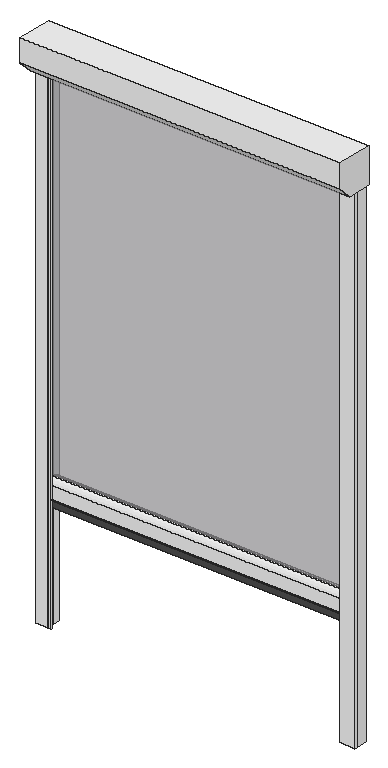
Revit family "Wall_Mount-Screen-Sliding-Phantom_Screens-Motorized_Overhead_Surface_Mounted-01-CS", category Specialty Equipment, Revit 2017
Family settings
  Round Connector Dimension = Use Diameter
  Part Type = Normal
  OmniClass Number = 23.30.60.21
  OmniClass Title = Insect Screens
  Work Plane-Based = No
  Always vertical = Yes
  Cut with Voids When Loaded = No
  Shared = No
  Room Calculation Point = No
Parameters (values of type "4 in Housing Surface Mount")
  Width [instance] = if(Requested Width > Max Width, Max Width, if(Requested Width < Min Width, Min Width, Requested Width))  # 3' - 0"
  URL = "https://www.phantomscreens.com/"
  Type Comments = if([7 1/8 in Housing], "7 1/8 in Housing Surface Mount", if([5 1/2 in Housing], "5 1/2 in Housing Surface Mount", "4 in Housing Surface Mount"))  # "4 in Housing Surface Mount"
  Track Thickness = 0' - 1 17/32"  # constant formula
  Track Height = if(Inside Jamb, 0' 1 29/32", 0' 1 85/256")  # 0' - 1 85/256"
  Thickness = if([7 1/8 in Housing], 0' 7 1/8", if([5 1/2 in Housing], 0' 5 1/2", 0' 4"))  # 0' - 4"
  Surface Mounted = not(Inside Jamb)  # yes
  Slide Bar Height [instance] = if([4 in Bottom Seal], 0' 3 11/16", if([6 in Bottom Seal], 0' 4 5/16", if([1 1/2 in Brush Pile], 0' 3 13/16", if([3/4 in Brush Pile], 0' 3 1/16", 0' 3 15/64"))))  # 0' - 3 1/16"
  Roller Radius = if([7 1/8 in Housing], 0' 2 1/2", if([5 1/2 in Housing], 0' 2", 0' 1 1/4"))  # 0' - 1 1/4"
  Inside Jamb = no
  Screen Opening Height Calc [instance] = if(Screen Opening > Height Opening - Slide Bar Height, Height Opening - Slide Bar Height, Screen Opening)  # 1' - 0"
  Requested Width [instance] = 3' - 0"
  Requested Height [instance] = 5' - 0"
  Product Page URL = "https://www.phantomscreens.com/retractable-large-openings/"
  Product Name = "Motorized Overhead Wall Screens"  # constant formula
  Product Documentation Link = "https://www.phantomscreens.com/architects-designers/"
  Model = "Motorized Retractable Wall Screen"  # constant formula
  Min Width = if([7 1/8 in Housing], 2' 9", if([5 1/2 in Housing], 2' 9", 2' 2"))  # 2' - 2"
  Mesh Offset = 0' - 0 177/256"
  Max Width = if([7 1/8 in Housing], 25' 0", if([5 1/2 in Housing], 20' 0", 10' 0"))  # 10' - 0"
  Max Height = if([7 1/8 in Housing], 16' 0", if([5 1/2 in Housing], 11' 0", 8' 0"))  # 8' - 0"
  Manufacturer = "Phantom Mfg. (Int'l) Ltd."  # constant formula
  Housing Height = if([7 1/8 in Housing], 0' 7 1/8", if([5 1/2 in Housing], 0' 5 1/2", 0' 4"))  # 0' - 4"
  Height Opening [instance] = Height - Housing Height  # 4' - 8"
  Height [instance] = if(Requested Height > Max Height, Max Height, Requested Height)  # 5' - 0"
  Finish Seal = Vinyl-Seal-Phantom_Screens-T-Vinyl_Black
  Finish Screen = Screen-Insect_Mesh-Phantom_Screens-BetterVue_Mesh
  Finish = Metal-Aluminum-Phantom_Screens-Classic_White
  Screen Opening [instance] = 1' - 0"
  Description = "Phantom motorized retractable screen with side tracks"  # constant formula
  Brush Pile [instance] = or([3/4 in Brush Pile], [1 1/2 in Brush Pile])  # yes
  Assembly Code = "B2010300"
  6 in Bottom Seal [instance] = no
  5 1/2 in Housing = no
  7 1/8 in Housing = no
  4 in Housing = not(or([5 1/2 in Housing], [7 1/8 in Housing]))  # yes
  4 in Bottom Seal [instance] = no
  3/4 in Brush Pile [instance] = yes
  3 in Bottom Seal [instance] = not(or(or(or([4 in Bottom Seal], [6 in Bottom Seal], [1 1/2 in Brush Pile], [3/4 in Brush Pile]))))  # no
  1 1/2 in Brush Pile [instance] = no
Reference planes (in)
  plane 1 "Center (Front/Back)": y = -3.46754
  plane 2: z = 0
  plane 3 "Center (Left/Right)": x = 28.55646
  plane 4 "Top": z = 60
  plane 5 "Left": x = 10.55646
  plane 6 "Right": x = 46.55646
  plane 7 "Front": y = -5.46754
  plane 8 "Back": y = -1.46754
  plane 9 "Screen Top": z = 56
  plane 10 "Track Interior": y = -3.31278
  plane 11 "Bottom Track": z = 12
  plane 12 "Track Exterior": y = -1.78153
  plane 13 "Right Offset": x = 45.22442
  plane 14 "Left Offset": x = 11.88849
  plane 15 "ScreenOffset": z = 15.0625
  plane 16 "Slide Bar Edge": y = -0.76442
  plane 17 "Req Width Left": x = 10.55646
  plane 18 "Req Width Right": x = 46.55646
  plane 19 "Req Height": z = 60
  plane 20 "screen open": z = 12
  plane 21: z = 12
Forms (in)
  Extrusion 1, solid, material "Metal-Aluminum-Phantom_Screens-Classic_White" <- "Finish", detail levels coarse
    sketch origin (0, 0, 0) x (1, 0, 0) y (0, 1, 0)
      loop
        line (10.55646, -1.78153) -> (10.55646, -3.31278) -> (11.88849, -3.31278) -> (11.88849, -1.78153) -> (10.55646, -1.78153)
      loop
        line (45.22442, -1.78153) -> (45.22442, -3.31278) -> (46.55646, -3.31278) -> (46.55646, -1.78153) -> (45.22442, -1.78153)
    from 0 to 56
  Extrusion 2, solid, material "Screen-Insect_Mesh-Phantom_Screens-BetterVue_Mesh" <- "Finish Screen"
    sketch origin (0, -0.02344, 0) x (1, 0, 0) y (0, 1, 0)
      loop
        line (11.51349, -2.4495) -> (11.51349, -2.52372) -> (45.59552, -2.52372) -> (45.59552, -2.4495) -> (11.51349, -2.4495)
    from 14.68029 to 58.05
  Extrusion 3, solid, material "Metal-Aluminum-Phantom_Screens-Classic_White" <- "Finish", visible <- "Inside Jamb", detail levels medium+fine
    sketch origin (0, 0, 0) x (1, 0, 0) y (0, 1, 0)
      loop
        line (12.46364, -1.84281) -> (12.46364, -1.78153) -> (10.55646, -1.78153) -> (10.55646, -2.7621) -> (11.12978, -2.7621) -> (11.12978, -3.37406) -> (12.87978, -3.37406) -> (12.87978, -3.31895) -> (12.46349, -3.31895) -> (12.46349, -3.1731) -> (12.46349, -2.60807) -> (12.42731, -2.60807) -> (12.42731, -2.53537) -> (12.46364, -2.53537) -> (12.46364, -1.84281)
      loop
        line (44.64927, -1.84281) -> (44.64927, -2.53537) -> (44.6856, -2.53537) -> (44.6856, -2.60807) -> (44.64942, -2.60807) -> (44.64942, -3.1731) -> (44.64942, -3.25766) -> (44.23313, -3.25766) -> (44.23313, -3.31278) -> (45.98313, -3.31278) -> (45.98313, -2.7621) -> (46.55646, -2.7621) -> (46.55646, -1.78153) -> (44.64927, -1.78153) -> (44.64927, -1.84281)
    from 0 to 56
  Extrusion 4, solid, material "Metal-Aluminum-Phantom_Screens-Classic_White" <- "Finish", visible <- "Surface Mounted", detail levels medium+fine
    sketch origin (0, 0, 0) x (1, 0, 0) y (0, 1, 0)
      loop
        line (11.89032, -1.78153) -> (10.55646, -1.78153) -> (10.55646, -3.10965) -> (10.55646, -3.31278) -> (12.30646, -3.31278) -> (12.30646, -3.25766) -> (11.89017, -3.25766) -> (11.89017, -3.11181) -> (11.89017, -2.54679) -> (11.85398, -2.54679) -> (11.85398, -2.47408) -> (11.89032, -2.47408) -> (11.89032, -1.78153)
      loop
        line (45.22259, -1.78153) -> (45.22259, -2.47408) -> (45.25893, -2.47408) -> (45.25893, -2.54679) -> (45.22274, -2.54679) -> (45.22274, -3.11181) -> (45.22274, -3.25766) -> (44.80646, -3.25766) -> (44.80646, -3.31278) -> (46.55646, -3.31278) -> (46.55646, -3.10965) -> (46.55646, -1.78153) -> (45.22259, -1.78153)
    from 0 to 56
  Extrusion 5, solid, material "Metal-Aluminum-Phantom_Screens-Classic_White" <- "Finish", detail levels coarse
    sketch origin (28.55646, 0, 0) x (0, 1, 0) y (0, 0, 1)
      loop
        line (-1.46754, 60) -> (-5.46754, 60) -> (-5.46754, 56) -> (-1.46754, 56) -> (-1.46754, 60)
    from -18 to 18
  Extrusion 6, solid, material "Metal-Aluminum-Phantom_Screens-Classic_White" <- "Finish", detail levels medium+fine
    sketch origin (28.55646, 0, 0) x (0, 1, 0) y (0, 0, 1)
      loop
        line (-5.46754, 57.443) -> (-4.02454, 56) -> (-1.46754, 56) -> (-1.46754, 60) -> (-5.46754, 60) -> (-5.46754, 57.443)
    from -18 to 18
  Extrusion 7, solid, material "Metal-Aluminum-Phantom_Screens-Classic_White" <- "Finish", detail levels coarse
    sketch origin (28.55646, 0, 0) x (0, 1, 0) y (0, 0, 1)
      loop
        line (-1.95731, 15.0625) -> (-2.98856, 15.0625) -> (-2.98856, 12) -> (-1.95731, 12) -> (-1.95731, 15.0625)
    from -16.66797 to 16.66797
  Extrusion 8, solid, material "Metal-Aluminum-Phantom_Screens-Classic_White" <- "Finish", detail levels medium+fine
    sketch origin (28.55646, -0.01208, 0) x (0, 1, 0) y (0, 0, 1)
      loop
        arc (-2.10058, 12.65046) -> (-2.12244, 12.69419) -> (-2.1349, 12.74147) r 0.23788
        line (-2.1349, 12.74147) -> (-2.01652, 12.74147)
        arc (-2.01652, 12.74147) -> (-1.96084, 12.76453) -> (-1.93778, 12.82021) r 0.07874
        line (-1.93778, 12.82021) -> (-1.93778, 14.28317)
        arc (-1.93778, 14.28317) -> (-2.04075, 14.69479) -> (-2.25244, 15.0625) r 1.53543
        line (-2.25244, 15.0625) -> (-2.36492, 15.0625) -> (-2.36492, 14.99735) -> (-2.54189, 14.99735) -> (-2.54189, 15.0625) -> (-2.65437, 15.0625)
        arc (-2.65437, 15.0625) -> (-2.86606, 14.69479) -> (-2.96903, 14.28317) r 1.53543
        line (-2.96903, 14.28317) -> (-2.96903, 12.82021)
        arc (-2.96903, 12.82021) -> (-2.94597, 12.76453) -> (-2.89029, 12.74147) r 0.07874
        line (-2.89029, 12.74147) -> (-2.7785, 12.74147)
        arc (-2.7785, 12.74147) -> (-2.79095, 12.69419) -> (-2.81282, 12.65046) r 0.23788
        line (-2.81282, 12.65046) -> (-2.10058, 12.65046)
    from -16.66797 to 16.66797
  Extrusion 9, solid, material "Vinyl-Seal-Phantom_Screens-T-Vinyl_Black" <- "Finish Seal", visible <- "3 in Bottom Seal", detail levels medium+fine
    sketch origin (28.55646, -0.43421, -3.5) x (0, 1, 0) y (0, 0, 1)
      loop
        arc (-2.38732, 16.32243) -> (-2.03127, 15.5) -> (-1.67522, 16.32243) r 0.48829
        line (-1.67522, 16.32243) -> (-2.38732, 16.32243)
    from -16.66797 to 16.66797
  Extrusion 10, solid, material "Vinyl-Seal-Phantom_Screens-T-Vinyl_Black" <- "Finish Seal", visible <- "6 in Bottom Seal", detail levels medium+fine
    sketch origin (28.55646, -0.43421, -3) x (0, 1, 0) y (0, 0, 1)
      loop
        arc (-2.38733, 16.90056) -> (-2.03127, 14.9868) -> (-1.67522, 16.90056) r 0.99
        line (-1.67522, 16.90056) -> (-2.38733, 16.90056)
    from -16.66797 to 16.66797
  Extrusion 11, solid, material "Vinyl-Seal-Phantom_Screens-T-Vinyl_Black" <- "Finish Seal", visible <- "4 in Bottom Seal", detail levels medium+fine
    sketch origin (28.55646, -0.43421, -2.36484) x (0, 1, 0) y (0, 0, 1)
      loop
        arc (-2.38733, 15.64039) -> (-2.03127, 14.36478) -> (-1.67522, 15.64039) r 0.6875
        line (-1.67522, 15.64039) -> (-2.38733, 15.64039)
    from -16.66797 to 16.66797
  Extrusion 12, solid, material "Brush-Seal-Phantom_Screens-Brush_Pile_Black", visible <- "Brush Pile", detail levels medium+fine
    sketch origin (28.55646, -0.43421, -3.5) x (0, 1, 0) y (0, 0, 1)
      loop
        line (-1.87492, 15.5) -> (-1.61575, 15.5) -> (-1.66722, 16.15046) -> (-1.82345, 16.15046) -> (-1.87492, 15.5)
      loop
        line (-2.44679, 15.5) -> (-2.18762, 15.5) -> (-2.23909, 16.15046) -> (-2.39532, 16.15046) -> (-2.44679, 15.5)
    from -16.66797 to 16.66797
Dimensions and locks (in)
  equal spacing: plane 5 "Left", plane 3 "Center (Left/Right)", plane 6 "Right"
  "Width": plane 5 "Left" to plane 6 "Right"
  "Housing Height": plane 4 "Top" to plane 9 "Screen Top"
  "Height": plane 4 "Top" to level
  equal spacing: plane 8 "Back", plane 1 "Center (Front/Back)", plane 7 "Front"
  "Track Thickness": plane 10 "Track Interior" to plane 12 "Track Exterior"
  plane 12 "Track Exterior" to plane 8 "Back" = 0' - 0.31398"
  "Track Height": plane 5 "Left" to plane 14 "Left Offset"
  "Track Height": plane 13 "Right Offset" to plane 6 "Right"
  "Slide Bar Height": plane 15 "ScreenOffset" to plane 11 "Bottom Track"
  locked: plane 15 "ScreenOffset" to Extrusion 2 at 0.38221
  "Mesh Offset": Extrusion 2 sketch curve to plane 12 "Track Exterior"
  locked: Extrusion 2 sketch curve to plane 14 "Left Offset" at 0.375
  locked: plane 13 "Right Offset" to Extrusion 2 sketch curve at 0.37109
  plane 5 "Left" to nested 3 = 0' - 1.33386"
  Extrusion 4 sketch curve to plane 5 "Left" to Extrusion 4 sketch curve to Extrusion 4 sketch curve to Extrusion 4 sketch curve to Extrusion 4 sketch curve = 0' - 0" locked, 0' - 1.29753" locked, 0' - 0.03619" locked, 0' - 0.00015" locked, 0' - 0.41614" locked
  Extrusion 4 sketch curve to Extrusion 4 sketch curve to Extrusion 4 sketch curve to Extrusion 4 sketch curve to Extrusion 4 sketch curve to plane 12 "Track Exterior" = 0' - 0.05512" locked, 0' - 0.71087" locked, 0' - 0.0727" locked, 0' - 0.69256" locked, 0' - 0" locked  (x2)
  Extrusion 4 sketch curve to plane 6 "Right" to Extrusion 4 sketch curve to Extrusion 4 sketch curve to Extrusion 4 sketch curve to Extrusion 4 sketch curve = 0' - 0" locked, 0' - 1.29753" locked, 0' - 0.03619" locked, 0' - 0.00015" locked, 0' - 0.41614" locked
  Extrusion 3 sketch curve to plane 5 "Left" to Extrusion 3 sketch curve to Extrusion 3 sketch curve to Extrusion 3 sketch curve to Extrusion 3 sketch curve to Extrusion 3 sketch curve = 0' - 0" locked, 0' - 0.57333" locked, 0' - 1.29753" locked, 0' - 0.03619" locked, 0' - 0.00015" locked, 0' - 0.41614" locked
  Extrusion 3 sketch curve to Extrusion 3 sketch curve to Extrusion 3 sketch curve to Extrusion 3 sketch curve to Extrusion 3 sketch curve to Extrusion 3 sketch curve to plane 12 "Track Exterior" = 0' - 0.05512" locked, 0' - 0.55685" locked, 0' - 0.15403" locked, 0' - 0.0727" locked, 0' - 0.75384" locked, 0' - 0" locked
  Extrusion 3 sketch curve to plane 6 "Right" to Extrusion 3 sketch curve to Extrusion 3 sketch curve to Extrusion 3 sketch curve to Extrusion 3 sketch curve to Extrusion 3 sketch curve = 0' - 0" locked, 0' - 0.57333" locked, 0' - 1.29753" locked, 0' - 0.03619" locked, 0' - 0.00015" locked, 0' - 0.41614" locked
  Extrusion 3 sketch curve to Extrusion 3 sketch curve to Extrusion 3 sketch curve to Extrusion 3 sketch curve to Extrusion 3 sketch curve to Extrusion 3 sketch curve to plane 12 "Track Exterior" = 0' - 0.05512" locked, 0' - 0.49556" locked, 0' - 0.15403" locked, 0' - 0.0727" locked, 0' - 0.75384" locked, 0' - 0" locked
  locked: Extrusion 2 to plane 9 "Screen Top" at 2.05
  locked: Extrusion 2 sketch curve to Extrusion 2 sketch curve at 0.07422
  Extrusion 7 sketch curve to Extrusion 7 sketch curve to plane 10 "Track Interior" = 0' - 1 1/32" locked, 0' - 0 83/256" locked
  locked: plane 8 "Back" to plane 12 "Track Exterior" at 0.31398
  locked: Extrusion 6 sketch curve to plane 12 "Track Exterior" at 0.31398
  plane 12 "Track Exterior" to Extrusion 8 sketch curve to Extrusion 8 sketch curve to Extrusion 8 sketch curve to Extrusion 8 sketch curve to Extrusion 8 sketch curve to Extrusion 8 sketch curve to Extrusion 8 sketch curve to Extrusion 8 sketch curve to Extrusion 8 sketch curve to Extrusion 8 sketch curve = 0' - 0.16832" locked, 0' - 0.07874" locked, 0' - 0.11838" locked, 0' - 0.11754" locked, 0' - 0.11248" locked, 0' - 0.17697" locked, 0' - 0.11248" locked, 0' - 0.12413" locked, 0' - 0.11179" locked, 0' - 0.07874" locked
  Extrusion 8 sketch curve to Extrusion 8 sketch curve to plane 15 "ScreenOffset" to Extrusion 8 sketch curve to Extrusion 8 sketch curve to Extrusion 8 sketch curve to Extrusion 8 sketch curve to Extrusion 8 sketch curve to Extrusion 8 sketch curve = 0' - 0" locked, 0' - 0" locked, 0' - 0.06515" locked, 0' - 0.71418" locked, 0' - 0" locked, 0' - 1.54171" locked, 0' - 0" locked, 0' - 0.09101" locked
  locked: plane 12 "Track Exterior" to nested 1 at 0.16832
  "Thickness": plane 8 "Back" to plane 7 "Front"
  equal spacing: plane 17 "Req Width Left", plane 3 "Center (Left/Right)", plane 18 "Req Width Right"
  "Requested Width": plane 17 "Req Width Left" to plane 18 "Req Width Right"
  "Requested Height": plane 19 "Req Height" to plane 2
  "Screen Opening": plane 21 to plane 2
  "Screen Opening Height Calc": plane 20 "screen open" to plane 2
  plane 12 "Track Exterior" to Extrusion 2 = 0' - 0 49/64"
  Extrusion 9 sketch curve to Extrusion 9 sketch curve to plane 20 "screen open" = 0' - 0.82243" locked, 0' - 0" locked
  plane 8 "Back" to Extrusion 9 sketch curve to Extrusion 9 sketch curve = 0' - 0.64188" locked, 0' - 0.71211" locked
  Extrusion 10 sketch curve to plane 20 "screen open" to Extrusion 10 sketch curve = 0' - 1.90056" locked, 0' - 0.0132" locked
  Extrusion 11 sketch curve to plane 20 "screen open" to Extrusion 11 sketch curve = 0' - 1.27556" locked, 0' - 0.00006" locked
  plane 8 "Back" to Extrusion 11 sketch curve to Extrusion 11 sketch curve = 0' - 0.64188" locked, 0' - 0.71211" locked
  plane 8 "Back" to Extrusion 10 sketch curve to Extrusion 10 sketch curve = 0' - 0.64188" locked, 0' - 0.71211" locked
  aligned and locked: level to plane 2
  aligned and locked: Extrusion 1 sketch curve to plane 10 "Track Interior"  (x2)
  aligned and locked: plane 6 "Right" to Extrusion 1 sketch curve
  aligned and locked: Extrusion 1 to level
  aligned and locked: plane 9 "Screen Top" to Extrusion 1
  aligned and locked: Extrusion 1 sketch curve to plane 13 "Right Offset"
  aligned and locked: plane 12 "Track Exterior" to Extrusion 1 sketch curve  (x2)
  aligned and locked: plane 5 "Left" to Extrusion 1 sketch curve
  aligned and locked: Extrusion 1 sketch curve to plane 14 "Left Offset"
  aligned and locked: plane 5 "Left" to nested 3
  aligned and locked: plane 5 "Left" to nested 4
  aligned and locked: nested 1 to plane 11 "Bottom Track"
  aligned and locked: nested 6 to plane 6 "Right"
  aligned and locked: nested 5 to plane 6 "Right"
  aligned and locked: plane 12 "Track Exterior" to nested 3
  aligned and locked: nested 5 to plane 12 "Track Exterior"
  aligned and locked: nested 6 to plane 12 "Track Exterior"
  aligned and locked: plane 12 "Track Exterior" to nested 4
  aligned and locked: Extrusion 3 to level
  aligned and locked: Extrusion 4 to level
  aligned and locked: plane 9 "Screen Top" to Extrusion 4
  aligned and locked: plane 9 "Screen Top" to Extrusion 3
  aligned and locked: Extrusion 5 sketch curve to plane 8 "Back"
  aligned and locked: Extrusion 5 sketch curve to plane 7 "Front"
  aligned and locked: Extrusion 6 sketch curve to plane 4 "Top"
  aligned and locked: plane 9 "Screen Top" to Extrusion 6 sketch curve
  aligned and locked: plane 7 "Front" to Extrusion 6 sketch curve
  aligned and locked: Extrusion 6 to plane 6 "Right"
  aligned and locked: Extrusion 6 to plane 5 "Left"
  aligned and locked: Extrusion 5 to plane 5 "Left"
  aligned and locked: Extrusion 5 to plane 6 "Right"
  aligned and locked: plane 11 "Bottom Track" to Extrusion 7 sketch curve
  aligned and locked: Extrusion 7 sketch curve to plane 15 "ScreenOffset"
  aligned and locked: Extrusion 7 to plane 14 "Left Offset"
  aligned and locked: Extrusion 7 to plane 13 "Right Offset"
  aligned and locked: Extrusion 8 to plane 14 "Left Offset"
  aligned and locked: Extrusion 8 to plane 13 "Right Offset"
  aligned and locked: plane 8 "Back" to nested 2
  aligned and locked: nested 2 to plane 4 "Top"
  aligned and locked: Extrusion 5 to plane 9 "Screen Top"
  aligned and locked: plane 20 "screen open" to plane 11 "Bottom Track"
  aligned and locked: plane 4 "Top" to Extrusion 5
  aligned and locked: Extrusion 10 to plane 14 "Left Offset"
  aligned and locked: Extrusion 11 to plane 14 "Left Offset"
  aligned and locked: Extrusion 12 to plane 14 "Left Offset"
  aligned and locked: Extrusion 9 to plane 14 "Left Offset"
  aligned and locked: Extrusion 10 to plane 13 "Right Offset"
  aligned and locked: Extrusion 11 to plane 13 "Right Offset"
  aligned and locked: Extrusion 9 to plane 13 "Right Offset"
  aligned and locked: Extrusion 12 to plane 13 "Right Offset"
  aligned and locked: Extrusion 12 to Extrusion 8  (x2)
  aligned and locked: Extrusion 12 to plane 20 "screen open"  (x2)
Automatic sketch dimensions
  Extrusion 3 sketch curve to Extrusion 3 sketch curve = 0' - 0.14585"
  Extrusion 3 sketch curve to Extrusion 3 sketch curve = 0' - 0.08456"
  Extrusion 3 sketch curve to Extrusion 3 sketch curve = 0' - 0.06129"  (x2)
  Extrusion 4 sketch curve to Extrusion 4 sketch curve = 0' - 0.14585"  (x2)
  Extrusion 4 sketch curve to Extrusion 4 sketch curve = 0' - 0 13/64"  (x2)
  Extrusion 5 sketch curve to plane 9 "Screen Top" = 0' - 0"
  Extrusion 5 sketch curve to plane 4 "Top" = 0' - 0"
  plane 7 "Front" to Extrusion 6 sketch curve = 0' - 1.443"
  plane 9 "Screen Top" to Extrusion 6 sketch curve = 0' - 1.443"
  plane 10 "Track Interior" to Extrusion 8 sketch curve = 0' - 0.1638"
  Extrusion 8 sketch curve to Extrusion 8 sketch curve = 0' - 0.03792"
  Extrusion 8 sketch curve to plane 8 "Back" = 0' - 0.01317"
  Extrusion 8 sketch curve to Extrusion 8 sketch curve = 0' - 0.04208"  (x2)
  Extrusion 8 sketch curve to Extrusion 8 sketch curve = 0' - 0.03432"
  Extrusion 12 sketch curve to plane 11 "Bottom Track" = 0' - 0"  (x2)
  Extrusion 12 sketch curve to plane 10 "Track Interior" = 0' - 0.43178"
  Extrusion 12 sketch curve to Extrusion 12 sketch curve = 0' - 0.25917"  (x2)
  Extrusion 12 sketch curve to Extrusion 12 sketch curve = 0' - 0.31269"
  plane 12 "Track Exterior" to Extrusion 12 sketch curve = 0' - 0.47613"
  Extrusion 12 sketch curve to Extrusion 12 sketch curve = 0' - 0 5/32"  (x2)
  Extrusion 12 sketch curve to plane 15 "ScreenOffset" = 0' - 2.41204"
  Extrusion 12 sketch curve to plane 10 "Track Interior" = 0' - 0.48325"
  Extrusion 12 sketch curve to Extrusion 12 sketch curve = 0' - 0"
Nested families (in)
  nested 1: "Nested-Detail-Phantom_Screens-Motorized-Overhead-Slide_Bar" at (28.55646, -2.46548, 14) x (0, 1, 0) z (1, 0, 0), type "Slide Bar"
  nested 2: "Nested-Detail-Phantom_Screens-Motorized-Housing" at (28.55646, -3.46754, 58) x (0, -1, 0) z (1, 0, 0), type "Motorized Housing"
  nested 3: "Nested-Detail-Phantom_Screens-Motorized-Overhead-Side_Track_Surface_Mount" at (11.43146, -1.31278, 0) x (-1, 0, 0) z (0, 0, 1), visible <- "Surface Mounted", type "Side Track Surface Mount"
  nested 4: "Nested-Detail-Phantom_Screens-Motorized-Overhead-Side_Track_Surface_Mount" at (12.00567, -1.37528, 0) x (-1, 0, 0) z (0, 0, 1), visible <- "Inside Jamb", type "Side Track Surface Mount Inside Jamb"
  nested 5: "Nested-Detail-Phantom_Screens-Motorized-Overhead-Side_Track_Surface_Mount" at (45.68146, -1.31278, 0), visible <- "Surface Mounted", type "Side Track Surface Mount"
  nested 6: "Nested-Detail-Phantom_Screens-Motorized-Overhead-Side_Track_Surface_Mount" at (45.10724, -1.31278, 0), visible <- "Inside Jamb", type "Side Track Surface Mount Inside Jamb"
Definition of nested family "Nested-Detail-Phantom_Screens-Motorized-Overhead-Slide_Bar"
  Parameters (values of type "Slide Bar")
    Width = 0' - 1 1/32"  # constant formula
    URL = "https://www.phantomscreens.com/"
    Type Comments = "For Use With Phantom Models Only"  # constant formula
    Manufacturer = "Phantom Mfg. (Int'l) Ltd."  # constant formula
    Height = if([4 in Bottom Seal], 0' 3 11/16", if([6 in Bottom Seal], 0' 4 5/16", if([1 1/2 in Brush Pile], 0' 3 13/16", if([3/4 in Brush Pile], 0' 3 1/16", 0' 3 15/64"))))  # 0' - 3 1/16"
    Description = if([4 in Bottom Seal], "4 in T-Vinyl", if([6 in Bottom Seal], "6 in T-Vinyl", if([1 1/2 in Brush Pile], " 1 1/2 in Unversal Brush Pile", if([3/4 in Brush Pile], "3/4 in Universal Brush Pile", "3 in T-Vinyl"))))  # "3/4 in Universal Brush Pile"
    Brush Pile = or([1 1/2 in Brush Pile], [3/4 in Brush Pile])  # yes
    6 in Bottom Seal = no
    4 in Bottom Seal = no
    3/4 in Brush Pile = yes
    3 in Bottom Seal = not(or(or(or([4 in Bottom Seal], [6 in Bottom Seal], [1 1/2 in Brush Pile], [3/4 in Brush Pile]))))  # no
    1 1/2 in Brush Pile = no
  Reference planes (in)
    plane 1 "Center (Front/Back)": y = -0.46875
    plane 2: z = 0
    plane 3 "Center (Left/Right)": x = 0
    plane 4 "Right": x = 0.51563
    plane 5 "Left": x = -0.51563
    plane 6 "Top": y = 1.0625
    plane 7 "Bottom": y = -2
  Lines and regions (in)
    Masking region 1, in view "Ref. Level", detail levels medium+fine
      outline origin (0, 0, 0) x (1, 0, 0) y (0, 1, 0)
        loop
          arc (-0.20096, 1.0625) -> (-0.41265, 0.69479) -> (-0.51562, 0.28317) r 1.53543
          line (-0.51562, 0.28317) -> (-0.51563, -1.17979)
          arc (-0.51563, -1.17979) -> (-0.49256, -1.23547) -> (-0.43688, -1.25853) r 0.07874
          line (-0.43688, -1.25853) -> (-0.3516, -1.25853) -> (-0.3516, -1.20892) -> (-0.44937, -1.20892)
          arc (-0.44937, -1.20892) -> (-0.47653, -1.15302) -> (-0.44937, -1.09711) r 0.07111
          line (-0.44937, -1.09711) -> (-0.12732, -1.09711)
          arc (-0.12732, -1.09711) -> (-0.10015, -1.15302) -> (-0.12732, -1.20893) r 0.07111
          line (-0.12732, -1.20893) -> (-0.22509, -1.20893) -> (-0.22509, -1.25853) -> (0.22509, -1.25853) -> (0.22509, -1.20892) -> (0.12732, -1.20892)
          arc (0.12732, -1.20892) -> (0.10016, -1.15302) -> (0.12732, -1.09711) r 0.07111
          line (0.12732, -1.09711) -> (0.44937, -1.09711)
          arc (0.44937, -1.09711) -> (0.47653, -1.15302) -> (0.44937, -1.20893) r 0.07111
          line (0.44937, -1.20893) -> (0.3516, -1.20893) -> (0.3516, -1.25853) -> (0.43689, -1.25853)
          arc (0.43689, -1.25853) -> (0.49256, -1.23547) -> (0.51563, -1.17979) r 0.07874
          line (0.51563, -1.17979) -> (0.51563, 0.28317)
          arc (0.51563, 0.28317) -> (0.41266, 0.69479) -> (0.20096, 1.0625) r 1.53543
          line (0.20096, 1.0625) -> (0.08849, 1.0625) -> (0.08849, 0.99735) -> (0.17, 0.99735) -> (0.17, 0.74167) -> (0.0625, 0.74167) -> (0.0625, 0.69177) -> (0.155, 0.61583) -> (0.155, 0.51748)
          arc (0.155, 0.51748) -> (0, 0.36248) -> (-0.155, 0.51748) r 0.155
          line (-0.155, 0.51748) -> (-0.155, 0.61583) -> (-0.0625, 0.69177) -> (-0.0625, 0.74167) -> (-0.17, 0.74167) -> (-0.17, 0.99735) -> (-0.08849, 0.99735) -> (-0.08849, 1.0625) -> (-0.20096, 1.0625)
    Masking region 2, in view "Ref. Level", visible <- "4 in Bottom Seal", detail levels medium+fine
      outline origin (0, 0, 0) x (1, 0, 0) y (0, 1, 0)
        loop
          line (-0.45068, -1.12214) -> (-0.45068, -1.19346) -> (-0.32293, -1.19346)
          arc (-0.32293, -1.19346) -> (-0.32762, -1.27461) -> (-0.35935, -1.34944) r 0.23788
          arc (-0.35935, -1.34944) -> (-0.0033, -2.62506) -> (0.35276, -1.34944) r 0.6875
          arc (0.35276, -1.34944) -> (0.32156, -1.27452) -> (0.31737, -1.19346) r 0.23788
          line (0.31737, -1.19346) -> (0.44495, -1.19346) -> (0.44495, -1.12214) -> (0.13499, -1.12214) -> (0.13499, -1.19346) -> (0.26622, -1.19346)
          arc (0.26622, -1.19346) -> (0.28105, -1.31257) -> (0.35215, -1.40929) r 0.23788
          arc (0.35215, -1.40929) -> (-0.01186, -2.57422) -> (-0.3444, -1.39992) r 0.63672
          arc (-0.3444, -1.39992) -> (-0.28326, -1.30546) -> (-0.27237, -1.19346) r 0.23788
          line (-0.27237, -1.19346) -> (-0.14072, -1.19346) -> (-0.14072, -1.12214) -> (-0.45068, -1.12214)
    Masking region 3, in view "Ref. Level", detail levels coarse
      outline origin (0, 0, 0) x (1, 0, 0) y (0, 1, 0)
        loop
          line (-0.51563, 1.0625) -> (-0.51562, -2) -> (0.51563, -2) -> (0.51563, 1.0625) -> (-0.51563, 1.0625)
    Masking region 4, in view "Ref. Level", detail levels fine
      outline origin (0, 0, 0) x (1, 0, 0) y (0, 1, 0)
        loop
          arc (-0.3531, 0.65108) -> (-0.4115, 0.46544) -> (-0.44476, 0.2737) r 1.46396
          line (-0.44476, 0.2737) -> (-0.44476, -1.04152) -> (0.44476, -1.04152) -> (0.44476, 0.2737)
          arc (0.44476, 0.2737) -> (0.4115, 0.46544) -> (0.3531, 0.65108) r 1.46396
          arc (0.3531, 0.65108) -> (0.28369, 0.68963) -> (0.233, 0.62852) r 0.06217
          line (0.233, 0.62852) -> (0.233, 0.51843)
          arc (0.233, 0.51843) -> (0.00048, 0.28448) -> (-0.233, 0.51748) r 0.233
          line (-0.233, 0.51748) -> (-0.233, 0.62852)
          arc (-0.233, 0.62852) -> (-0.28369, 0.68962) -> (-0.3531, 0.65108) r 0.06217
    Masking region 5, in view "Ref. Level", visible <- "6 in Bottom Seal", detail levels medium+fine
      outline origin (0, 0, 0) x (1, 0, 0) y (0, 1, 0)
        loop
          line (-0.45068, -1.12214) -> (-0.45068, -1.19346) -> (-0.32293, -1.19346)
          arc (-0.32293, -1.19346) -> (-0.32762, -1.27461) -> (-0.35935, -1.34944) r 0.23788
          arc (-0.35935, -1.34944) -> (-0.0033, -3.2632) -> (0.35276, -1.34944) r 0.99
          arc (0.35276, -1.34944) -> (0.32156, -1.27452) -> (0.31737, -1.19346) r 0.23788
          line (0.31737, -1.19346) -> (0.44495, -1.19346) -> (0.44495, -1.12214) -> (0.13499, -1.12214) -> (0.13499, -1.19346) -> (0.26622, -1.19346)
          arc (0.26622, -1.19346) -> (0.28105, -1.31257) -> (0.35215, -1.40929) r 0.23788
          arc (0.35215, -1.40929) -> (-0.02006, -3.18413) -> (-0.3444, -1.39992) r 0.92393
          arc (-0.3444, -1.39992) -> (-0.28326, -1.30546) -> (-0.27237, -1.19346) r 0.23788
          line (-0.27237, -1.19346) -> (-0.14072, -1.19346) -> (-0.14072, -1.12214) -> (-0.45068, -1.12214)
    Masking region 6, in view "Ref. Level", visible <- "3 in Bottom Seal", detail levels medium+fine
      outline origin (0, 0, 0) x (1, 0, 0) y (0, 1, 0)
        loop
          line (-0.45068, -1.12214) -> (-0.45068, -1.19346) -> (-0.32293, -1.19346)
          arc (-0.32293, -1.19346) -> (-0.32762, -1.27461) -> (-0.35935, -1.34944) r 0.23788
          arc (-0.35935, -1.34944) -> (-0.00329, -2.17328) -> (0.35276, -1.34944) r 0.48886
          arc (0.35276, -1.34944) -> (0.32156, -1.27452) -> (0.31737, -1.19346) r 0.23788
          line (0.31737, -1.19346) -> (0.44495, -1.19346) -> (0.44495, -1.12214) -> (0.13499, -1.12214) -> (0.13499, -1.19346) -> (0.26622, -1.19346)
          arc (0.26622, -1.19346) -> (0.26962, -1.27517) -> (0.30048, -1.3509) r 0.23788
          arc (0.30048, -1.3509) -> (-0.00271, -2.12364) -> (-0.30437, -1.3503) r 0.44568
          arc (-0.30437, -1.3503) -> (-0.27478, -1.27465) -> (-0.27237, -1.19346) r 0.23788
          line (-0.27237, -1.19346) -> (-0.14072, -1.19346) -> (-0.14072, -1.12214) -> (-0.45068, -1.12214)
    Masking region 7, in view "Ref. Level", visible <- "Brush Pile", detail levels medium+fine
      outline origin (0, 0, 0) x (1, 0, 0) y (0, 1, 0)
        loop
          line (-0.45068, -1.12214) -> (-0.45068, -1.19346) -> (-0.33075, -1.19346) -> (-0.41552, -2) -> (-0.15635, -2) -> (-0.24112, -1.19346) -> (-0.12509, -1.19346) -> (-0.12509, -1.12214) -> (-0.45068, -1.12214)
        loop
          line (0.45068, -1.12214) -> (0.12509, -1.12214) -> (0.12509, -1.19346) -> (0.24112, -1.19346) -> (0.15635, -2) -> (0.41552, -2) -> (0.33075, -1.19346) -> (0.45068, -1.19346) -> (0.45068, -1.12214)
  Dimensions and locks (in)
    equal spacing: plane 5 "Left", plane 3 "Center (Left/Right)", plane 4 "Right"
    "Height": plane 6 "Top" to plane 7 "Bottom"
    equal spacing: plane 6 "Top", plane 1 "Center (Front/Back)", plane 7 "Bottom"
    "Width": plane 5 "Left" to plane 4 "Right"
    Masking region 1 sketch curve to Masking region 1 sketch curve to Masking region 1 sketch curve to Masking region 1 sketch curve to Masking region 1 sketch curve to Masking region 1 sketch curve to Masking region 1 sketch curve to Masking region 1 sketch curve to Masking region 1 sketch curve to Masking region 1 sketch curve to Masking region 1 sketch curve to plane 3 "Center (Left/Right)" to Masking region 1 sketch curve to Masking region 1 sketch curve to Masking region 1 sketch curve to Masking region 1 sketch curve to Masking region 1 sketch curve to Masking region 1 sketch curve to Masking region 1 sketch curve to Masking region 1 sketch curve to Masking region 1 sketch curve to Masking region 1 sketch curve to Masking region 1 sketch curve = 0' - 0.03909" locked, 0' - 0.03965" locked, 0' - 0.08529" locked, 0' - 0.12651" locked, 0' - 0.02413" locked, 0' - 0.03096" locked, 0' - 0.015" locked, 0' - 0.05485" locked, 0' - 0.01167" locked, 0' - 0.02598" locked, 0' - 0 1/16" locked, 0' - 0 1/16" locked, 0' - 0.02598" locked, 0' - 0.01167" locked, 0' - 0.05485" locked, 0' - 0.015" locked, 0' - 0.03096" locked, 0' - 0.02413" locked, 0' - 0.12651" locked, 0' - 0.08529" locked, 0' - 0.03965" locked, 0' - 0.03909" locked
    plane 6 "Top" to Masking region 1 sketch curve to Masking region 1 sketch curve to Masking region 1 sketch curve to Masking region 1 sketch curve to Masking region 1 sketch curve to Masking region 1 sketch curve to Masking region 1 sketch curve to Masking region 1 sketch curve to Masking region 1 sketch curve to Masking region 1 sketch curve to Masking region 1 sketch curve to Masking region 1 sketch curve to Masking region 1 sketch curve to Masking region 1 sketch curve to Masking region 1 sketch curve to Masking region 1 sketch curve to Masking region 1 sketch curve to Masking region 1 sketch curve to Masking region 1 sketch curve to Masking region 1 sketch curve to Masking region 1 sketch curve to Masking region 1 sketch curve to Masking region 1 sketch curve to Masking region 1 sketch curve = 0' - 0" locked, 0' - 0" locked, 0' - 0.06515" locked, 0' - 0" locked, 0' - 0.25568" locked, 0' - 0" locked, 0' - 0.0499" locked, 0' - 0" locked, 0' - 0.07594" locked, 0' - 0" locked, 0' - 0.09835" locked, 0' - 0" locked, 0' - 0.155" locked, 0' - 0.0793" locked, 0' - 0" locked, 0' - 1.38029" locked, 0' - 0" locked, 0' - 0.11181" locked, 0' - 0" locked, 0' - 0" locked, 0' - 0" locked, 0' - 0.04961" locked, 0' - 0" locked, 0' - 0" locked
    plane 6 "Top" to Masking region 4 sketch curve to Masking region 4 sketch curve to Masking region 4 sketch curve to Masking region 4 sketch curve to Masking region 4 sketch curve to Masking region 4 sketch curve to Masking region 4 sketch curve to Masking region 4 sketch curve to Masking region 4 sketch curve to Masking region 4 sketch curve to Masking region 4 sketch curve to Masking region 4 sketch curve = 0' - 0.37181" locked, 0' - 0" locked, 0' - 0.03961" locked, 0' - 0" locked, 0' - 0.02256" locked, 0' - 0" locked, 0' - 0.11009" locked, 0' - 0.00096" locked, 0' - 0.233" locked, 0' - 0.01078" locked, 0' - 0" locked, 0' - 1.31522" locked
    Masking region 4 sketch curve to Masking region 4 sketch curve to Masking region 4 sketch curve to plane 3 "Center (Left/Right)" to Masking region 4 sketch curve to Masking region 4 sketch curve to Masking region 4 sketch curve to Masking region 4 sketch curve = 0' - 0.09166" locked, 0' - 0.1201" locked, 0' - 0.233" locked, 0' - 0" locked, 0' - 0.233" locked, 0' - 0.1201" locked, 0' - 0.09166" locked
    Masking region 2 sketch curve to Masking region 2 sketch curve to Masking region 2 sketch curve to Masking region 2 sketch curve to Masking region 2 sketch curve to Masking region 2 sketch curve to Masking region 2 sketch curve to Masking region 2 sketch curve to Masking region 2 sketch curve to Masking region 2 sketch curve to Masking region 2 sketch curve to Masking region 2 sketch curve to plane 6 "Top" = 0' - 0 13/256" locked, 0' - 1.16499" locked, 0' - 0.00937" locked, 0' - 0.05048" locked, 0' - 0" locked, 0' - 0.15598" locked, 0' - 0" locked, 0' - 0" locked, 0' - 0" locked, 0' - 0.07131" locked, 0' - 0" locked, 0' - 2.18464" locked
    Masking region 2 sketch curve to Masking region 2 sketch curve to Masking region 2 sketch curve to Masking region 2 sketch curve to Masking region 2 sketch curve to Masking region 2 sketch curve to plane 3 "Center (Left/Right)" to Masking region 2 sketch curve to Masking region 2 sketch curve to Masking region 2 sketch curve to Masking region 2 sketch curve = 0' - 0 13/256" locked, 0' - 0.18933" locked, 0' - 0.12929" locked, 0' - 0.05141" locked, 0' - 0.12926" locked, 0' - 0.14072" locked, 0' - 0.13499" locked, 0' - 0.12919" locked, 0' - 0.05149" locked, 0' - 0.12929" locked
    Masking region 5 sketch curve to Masking region 5 sketch curve to Masking region 5 sketch curve to Masking region 5 sketch curve to Masking region 5 sketch curve to Masking region 5 sketch curve to plane 3 "Center (Left/Right)" to Masking region 5 sketch curve to Masking region 5 sketch curve to Masking region 5 sketch curve to Masking region 5 sketch curve to Masking region 5 sketch curve = 0' - 0.09133" locked, 0' - 0.01495" locked, 0' - 0.02147" locked, 0' - 0.05057" locked, 0' - 0.13165" locked, 0' - 0.14072" locked, 0' - 0.13499" locked, 0' - 0.13123" locked, 0' - 0.05115" locked, 0' - 0.03478" locked, 0' - 0.09281" locked
    plane 6 "Top" to Masking region 5 sketch curve to Masking region 5 sketch curve to Masking region 5 sketch curve to Masking region 5 sketch curve to Masking region 5 sketch curve to Masking region 5 sketch curve to Masking region 5 sketch curve to Masking region 5 sketch curve to Masking region 5 sketch curve to Masking region 5 sketch curve to Masking region 5 sketch curve to Masking region 5 sketch curve = 0' - 2.18464" locked, 0' - 0" locked, 0' - 0.07131" locked, 0' - 0" locked, 0' - 0" locked, 0' - 0" locked, 0' - 0.15598" locked, 0' - 0" locked, 0' - 0.05048" locked, 0' - 0.00937" locked, 0' - 1.77492" locked, 0' - 0.07899" locked
    plane 6 "Top" to Masking region 6 sketch curve to Masking region 6 sketch curve to Masking region 6 sketch curve to Masking region 6 sketch curve to Masking region 6 sketch curve to Masking region 6 sketch curve to Masking region 6 sketch curve to Masking region 6 sketch curve to Masking region 6 sketch curve to Masking region 6 sketch curve to Masking region 6 sketch curve to Masking region 6 sketch curve = 0' - 2.18464" locked, 0' - 0" locked, 0' - 0.07131" locked, 0' - 0" locked, 0' - 0" locked, 0' - 0" locked, 0' - 0.15598" locked, 0' - 0" locked, 0' - 0.00086" locked, 0' - 0.0006" locked, 0' - 0.77274" locked, 0' - 0.04964" locked
    Masking region 6 sketch curve to Masking region 6 sketch curve to Masking region 6 sketch curve to Masking region 6 sketch curve to plane 3 "Center (Left/Right)" to Masking region 6 sketch curve to Masking region 6 sketch curve to Masking region 6 sketch curve to Masking region 6 sketch curve = 0' - 0.09133" locked, 0' - 0.05498" locked, 0' - 0.16366" locked, 0' - 0.14072" locked, 0' - 0.13499" locked, 0' - 0.16549" locked, 0' - 0.05228" locked, 0' - 0.09219" locked
    plane 6 "Top" to Masking region 7 sketch curve to Masking region 7 sketch curve to Masking region 7 sketch curve to Masking region 7 sketch curve to Masking region 7 sketch curve to Masking region 7 sketch curve = 0' - 2.18464" locked, 0' - 0" locked, 0' - 0.07131" locked, 0' - 0" locked, 0' - 0" locked, 0' - 0" locked
    Masking region 7 sketch curve to Masking region 7 sketch curve to Masking region 7 sketch curve to Masking region 7 sketch curve to plane 3 "Center (Left/Right)" to Masking region 7 sketch curve to Masking region 7 sketch curve to Masking region 7 sketch curve to Masking region 7 sketch curve = 0' - 0.11993" locked, 0' - 0.08963" locked, 0' - 0.11603" locked, 0' - 0.12509" locked, 0' - 0.12509" locked, 0' - 0.11603" locked, 0' - 0.08963" locked, 0' - 0.11993" locked
    Masking region 1 to plane 6 "Top" = 0' - 2.32103"
    aligned and locked: Masking region 3 sketch curve to plane 6 "Top"
    aligned and locked: Masking region 3 sketch curve to plane 5 "Left"
    aligned and locked: Masking region 3 sketch curve to plane 7 "Bottom"
    aligned and locked: Masking region 3 sketch curve to plane 4 "Right"
    aligned and locked: Masking region 7 sketch curve to plane 7 "Bottom"
    aligned and locked: plane 7 "Bottom" to Masking region 7 sketch curve
  Automatic sketch dimensions
    plane 5 "Left" to Masking region 1 sketch curve = 0' - 0.49548"
    Masking region 1 sketch curve to plane 5 "Left" = 0' - 0.06626"
    Masking region 1 sketch curve to Masking region 1 sketch curve = 0' - 0.01248"  (x2)
    Masking region 1 sketch curve to Masking region 1 sketch curve = 0' - 0.05383"
    Masking region 1 sketch curve to Masking region 1 sketch curve = 0' - 0.04394"
    plane 3 "Center (Left/Right)" to Masking region 1 sketch curve = 0' - 0.12732"
    Masking region 1 sketch curve to Masking region 1 sketch curve = 0' - 0.09777"
    Masking region 1 sketch curve to Masking region 1 sketch curve = 0' - 0.03146"
    plane 4 "Right" to Masking region 1 sketch curve = 0' - 0.49548"
    Masking region 1 sketch curve to Masking region 1 sketch curve = 0' - 0"
    Masking region 2 sketch curve to Masking region 2 sketch curve = 0' - 0"  (x2)
    Masking region 2 sketch curve to plane 5 "Left" = 0' - 0.00777"
    plane 5 "Left" to Masking region 2 sketch curve = 0' - 0.04365"
    Masking region 2 sketch curve to Masking region 2 sketch curve = 0' - 0.12775"
    Masking region 2 sketch curve to Masking region 2 sketch curve = 0' - 0.13123"
    Masking region 2 sketch curve to Masking region 2 sketch curve = 0' - 0.05115"
    plane 5 "Left" to Masking region 4 sketch curve = 0' - 0.49548"
    plane 4 "Right" to Masking region 4 sketch curve = 0' - 0.49548"
    Masking region 5 sketch curve to plane 5 "Left" = 0' - 0.00777"
    plane 5 "Left" to Masking region 5 sketch curve = 0' - 0.04365"
    Masking region 5 sketch curve to plane 3 "Center (Left/Right)" = 0' - 0.00329"
    Masking region 5 sketch curve to plane 4 "Right" = 0' - 0.01357"
    plane 4 "Right" to Masking region 5 sketch curve = 0' - 0.03792"
    Masking region 7 sketch curve to plane 5 "Left" = 0' - 0.10011"
    Masking region 7 sketch curve to plane 3 "Center (Left/Right)" = 0' - 0.15635"
    plane 3 "Center (Left/Right)" to Masking region 7 sketch curve = 0' - 0.15635"
    Masking region 7 sketch curve to plane 4 "Right" = 0' - 0.10011"
    Masking region 6 sketch curve to plane 5 "Left" = 0' - 0.00777"
    plane 5 "Left" to Masking region 6 sketch curve = 0' - 0.04365"
    Masking region 6 sketch curve to Masking region 6 sketch curve = 0' - 0.12775"
    Masking region 6 sketch curve to Masking region 6 sketch curve = 0' - 0.05057"
    Masking region 6 sketch curve to Masking region 6 sketch curve = 0' - 0.13123"
    Masking region 6 sketch curve to Masking region 6 sketch curve = 0' - 0.05115"
    Masking region 6 sketch curve to plane 4 "Right" = 0' - 0.01357"
    plane 4 "Right" to Masking region 6 sketch curve = 0' - 0.03792"
Definition of nested family "Nested-Detail-Phantom_Screens-Motorized-Housing"
  Parameters (values of type "Motorized Housing")
    Width = if([5 in Roller], 0' 7 1/8", if([4 in Roller], 0' 5 1/2", 0' 4"))  # 0' - 7 1/8"
    URL = "https://www.phantomscreens.com/"
    Type Comments = "For Use With Phantom Models Only"  # constant formula
    Surface Mount = yes
    Roller Radius = 0' - 1 71/128"
    Recessed Mount = no
    Model = if([5 in Roller], "5 in Roller", "4 in Roller")  # "5 in Roller"
    Manufacturer = "Phantom Mfg. (Int'l) Ltd."  # constant formula
    Height = if([5 in Roller], 0' 7 1/8", if([4 in Roller], 0' 5 1/2", 0' 4"))  # 0' - 7 1/8"
    Front Offset = if([5 in Roller], 0' 3 1/4", if([4 in Roller], 0' 2 3/4", 0' 2"))  # 0' - 3 1/4"
    Description = if(Recessed Mount, "Recessed Housing", "Surface Mount Housing")  # "Surface Mount Housing"
    5 in Roller = yes
    4 in Roller = no
    2.5 in Roller = not(or([4 in Roller], [5 in Roller]))  # no
  Reference planes (in)
    plane 1 "Center (Front/Back)": y = 0
    plane 2: z = 0
    plane 3 "Center (Left/Right)": x = 0
    plane 4 "Top": y = 3.25
    plane 5 "Bottom": y = -3.875
    plane 6 "Back": x = 3.875
    plane 7 "Front": x = -3.25
    plane 8: y = -8.25
  Lines and regions (in)
    Masking region 1, in view "Ref. Level", detail levels medium+fine
      outline origin (0, 0, 0) x (1, 0, 0) y (0, 1, 0)
        loop
          circle (0, 0) r 1.55469
    Masking region 2, in view "Ref. Level", visible <- "Surface Mount", detail levels medium+fine
      outline origin (0, 0, 0) x (1, 0, 0) y (0, 1, 0)
        loop
          line (-1.83687, -3.74) -> (2.12565, -3.74) -> (2.12565, -3.67183)
          arc (2.12565, -3.67183) -> (2.28563, -3.51571) -> (2.42821, -3.68787) r 0.152
          line (2.42821, -3.68787) -> (3.61495, -2.50113) -> (3.59149, -2.47768)
          arc (3.59149, -2.47768) -> (3.52126, -2.30462) -> (3.67183, -2.19411) r 0.152
          line (3.67183, -2.19411) -> (3.74, -2.19411) -> (3.74, 2.15673) -> (3.499, 2.28373) -> (3.499, 2.8905) -> (3.4265, 2.8905)
          arc (3.4265, 2.8905) -> (3.31902, 2.93502) -> (3.2745, 3.0425) r 0.152
          line (3.2745, 3.0425) -> (3.2745, 3.115) -> (-2.64637, 3.115) -> (-2.64637, 3.0425)
          arc (-2.64637, 3.0425) -> (-2.69089, 2.93502) -> (-2.79837, 2.8905) r 0.152
          line (-2.79837, 2.8905) -> (-2.87087, 2.8905) -> (-2.91223, 2.89035) -> (-2.91223, 2.82804)
          arc (-2.91223, 2.82804) -> (-2.95675, 2.72056) -> (-3.06424, 2.67604) r 0.15201
          line (-3.06424, 2.67604) -> (-3.11188, 2.67604) -> (-3.11188, -2.0085)
          arc (-3.11188, -2.0085) -> (-2.99801, -2.072) -> (-3.0437, -2.19411) r 0.1
          arc (-3.0437, -2.19411) -> (-2.89313, -2.30462) -> (-2.96337, -2.47768) r 0.152
          line (-2.96337, -2.47768) -> (-3.11188, -2.47768) -> (-3.11188, -3.37643) -> (-3.0437, -3.37643)
          arc (-3.0437, -3.37643) -> (-2.89313, -3.48694) -> (-2.96337, -3.66) r 0.152
          line (-2.96337, -3.66) -> (-1.83687, -3.66) -> (-1.83687, -3.74)
        loop
          line (-1.83687, -3.82) -> (2.40922, -3.82) -> (3.77533, -2.45388)
          arc (3.77533, -2.45388) -> (3.80839, -2.40441) -> (3.82, -2.34605) r 0.1525
          line (3.82, -2.34605) -> (3.82, 2.205) -> (3.579, 2.332) -> (3.579, 3.0425)
          arc (3.579, 3.0425) -> (3.53433, 3.15033) -> (3.4265, 3.195) r 0.1525
          line (3.4265, 3.195) -> (-2.79837, 3.195)
          arc (-2.79837, 3.195) -> (-2.90621, 3.15033) -> (-2.95087, 3.0425) r 0.1525
          line (-2.95087, 3.0425) -> (-2.95087, 2.96642) -> (-3.03954, 2.96642)
          arc (-3.03954, 2.96642) -> (-3.1506, 2.92042) -> (-3.1966, 2.80936) r 0.15706
          line (-3.1966, 2.80936) -> (-3.1966, -3.875) -> (-1.83687, -3.875) -> (-1.83687, -3.82)
    Masking region 3, in view "Ref. Level", visible <- "Surface Mount", detail levels fine
      outline origin (0, 0, 0) x (1, 0, 0) y (0, 1, 0)
        loop
          line (3.7225, 3.25) -> (-3.0975, 3.25)
          arc (-3.0975, 3.25) -> (-3.20533, 3.20533) -> (-3.25, 3.0975) r 0.1525
          line (-3.25, 3.0975) -> (-3.25, -3.875) -> (-3.195, -3.875) -> (2.432, -3.875) -> (3.83033, -2.47667)
          arc (3.83033, -2.47667) -> (3.86339, -2.42719) -> (3.875, -2.36883) r 0.1525
          line (3.875, -2.36883) -> (3.875, 3.0975)
          arc (3.875, 3.0975) -> (3.83033, 3.20533) -> (3.7225, 3.25) r 0.1525
    Masking region 4, in view "Ref. Level", visible <- "Surface Mount", detail levels fine
      outline origin (0, 0, 0) x (1, 0, 0) y (0, 1, 0)
        loop
          circle (-2.8015, 3.0425) r 0.07
        loop
          circle (3.4265, 3.0425) r 0.07
        loop
          circle (3.6675, -2.34605) r 0.07
        loop
          circle (2.27759, -3.6675) r 0.07
        loop
          circle (-3.0425, -3.52837) r 0.07
        loop
          circle (-3.0425, -2.34605) r 0.07
        loop
          circle (-3.04503, 2.8201) r 0.07
    Masking region 5, in view "Ref. Level", detail levels fine
      outline origin (0, 0, 0) x (1, 0, 0) y (0, 1, 0)
        loop
          circle (0, 0) r 0.356
        loop
          circle (0, 0) r 0.222
    Masking region 6, in view "Ref. Level", detail levels coarse
      outline origin (0, 0, 0) x (1, 0, 0) y (0, 1, 0)
        loop
          line (-3.25, 3.25) -> (-3.25, -3.875) -> (3.875, -3.875) -> (3.875, 3.25) -> (-3.25, 3.25)
    detail lines, in view "Ref. Level", visible <- "Recessed Mount", detail levels fine
      curve 1: line (-1.5625, 3.25, 0) -> (1.5625, 3.25, 0)
      curve 2: line (1.5625, 3.25, 0) -> (1.5625, -2.25, 0)
      curve 3: line (1.5625, -2.25, 0) -> (-1.5625, -2.25, 0)
      curve 4: line (-1.5625, -2.25, 0) -> (-1.5625, 3.25, 0)
      curve 5: line (-1.5625, 3, 0) -> (1.5625, 3, 0)
  Dimensions and locks (in)
    locked: plane 3 "Center (Left/Right)" to Masking region 1 sketch curve
    locked: plane 1 "Center (Front/Back)" to Masking region 1 sketch curve
    Masking region 3 sketch curve to Masking region 3 sketch curve to plane 6 "Back" = 0' - 1.443" locked, 0' - 0" locked
    plane 7 "Front" to Masking region 2 sketch curve to Masking region 2 sketch curve to Masking region 2 sketch curve to Masking region 2 sketch curve to Masking region 2 sketch curve to Masking region 2 sketch curve to Masking region 2 sketch curve to Masking region 2 sketch curve to Masking region 2 sketch curve to Masking region 2 sketch curve to Masking region 2 sketch curve to Masking region 2 sketch curve = 0' - 0.0534" locked, 0' - 0.08473" locked, 0' - 0" locked, 0' - 0.06817" locked, 0' - 0" locked, 0' - 0.00433" locked, 0' - 0.07601" locked, 0' - 0.01249" locked, 0' - 0.03864" locked, 0' - 0.26586" locked, 0' - 0.8095" locked, 0' - 0" locked
    Masking region 2 sketch curve to plane 5 "Bottom" to Masking region 2 sketch curve to Masking region 2 sketch curve to Masking region 2 sketch curve to Masking region 2 sketch curve to Masking region 2 sketch curve to Masking region 2 sketch curve to Masking region 2 sketch curve to Masking region 2 sketch curve to Masking region 2 sketch curve to Masking region 2 sketch curve to Masking region 2 sketch curve to Masking region 2 sketch curve = 0' - 0" locked, 0' - 0.055" locked, 0' - 0.08" locked, 0' - 0.05213" locked, 0' - 0.02787" locked, 0' - 0.28357" locked, 0' - 0.87529" locked, 0' - 0 3/128" locked, 0' - 0.0238" locked, 0' - 0.10783" locked, 0' - 0.15194" locked, 0' - 0" locked, 0' - 0.18561" locked
    Masking region 4 sketch curve to Masking region 4 sketch curve to Masking region 4 sketch curve to Masking region 4 sketch curve = 0' - 0.00253", 0' - 0" locked, 0' - 0.241" locked
    plane 5 "Bottom" to Masking region 4 sketch curve to Masking region 4 sketch curve to Masking region 4 sketch curve to Masking region 4 sketch curve = 0' - 0.1375" locked, 0' - 0.13913" locked, 0' - 1.18232" locked, 0' - 0" locked
    "Front Offset": plane 7 "Front" to plane 3 "Center (Left/Right)"
    "Width": plane 7 "Front" to plane 6 "Back"
    "Height": plane 4 "Top" to plane 5 "Bottom"
    locked: plane 4 "Top" to Masking region 3 sketch curve
    plane 5 "Bottom" to Masking region 3 sketch curve to Masking region 3 sketch curve to Masking region 3 sketch curve = 0' - 0" locked, 0' - 1.39833" locked, 0' - 0.10783" locked
    Masking region 2 sketch curve to Masking region 2 sketch curve to Masking region 2 sketch curve to Masking region 2 sketch curve to Masking region 2 sketch curve to Masking region 2 sketch curve to Masking region 2 sketch curve to Masking region 2 sketch curve to Masking region 2 sketch curve to plane 6 "Back" = 0' - 0.28357" locked, 0' - 0.019" locked, 0' - 0.84629" locked, 0' - 0.2245" locked, 0' - 0.08" locked, 0' - 0.03595" locked, 0' - 0.12505" locked, 0' - 0.08" locked, 0' - 0.055" locked
    Masking region 2 sketch curve to Masking region 2 sketch curve to Masking region 2 sketch curve to Masking region 2 sketch curve to Masking region 2 sketch curve to Masking region 2 sketch curve to Masking region 2 sketch curve to Masking region 2 sketch curve to Masking region 2 sketch curve to Masking region 2 sketch curve to Masking region 2 sketch curve to Masking region 2 sketch curve to plane 4 "Top" = 0' - 0.04827" locked, 0' - 0.07873" locked, 0' - 0.04827" locked, 0' - 0.34404" locked, 0' - 0.13332" locked, 0' - 0.08114" locked, 0' - 0" locked, 0' - 0.07592" locked, 0' - 0.07608" locked, 0' - 0.0725" locked, 0' - 0.08" locked, 0' - 0.055" locked
    Masking region 4 sketch curve to Masking region 4 sketch curve to Masking region 4 sketch curve to plane 6 "Back" = 0' - 1.14891" locked, 0' - 0.241" locked, 0' - 0.2075" locked
    Masking region 4 sketch curve to Masking region 4 sketch curve to Masking region 4 sketch curve to plane 4 "Top" = 0' - 0.2224" locked, 0' - 0" locked, 0' - 0.2775" locked
    "Front Offset": plane 4 "Top" to plane 1 "Center (Front/Back)"
    Masking region 5 sketch curve to Masking region 5 sketch curve to Masking region 5 sketch curve = 0' - 0.134", 0' - 0.222"
    locked: Masking region 5 sketch curve to Masking region 5 sketch curve at 0.134
    curve 4 to plane 3 "Center (Left/Right)" to curve 2 = 0' - 1 9/16" locked, 0' - 1 9/16" locked
    curve 3 to plane 1 "Center (Front/Back)" to curve 5 to curve 1 = 0' - 2 1/4", 0' - 3", 0' - 0 1/4" locked
    "Roller Radius": radius of Masking region 1 sketch curve
    aligned and locked: Masking region 6 sketch curve to plane 4 "Top"
    aligned and locked: Masking region 6 sketch curve to plane 7 "Front"
    aligned and locked: Masking region 6 sketch curve to plane 5 "Bottom"
    aligned and locked: Masking region 6 sketch curve to plane 6 "Back"
  Automatic sketch dimensions
    Masking region 3 sketch curve to Masking region 3 sketch curve = 0' - 0.055"
    Masking region 3 sketch curve to Masking region 3 sketch curve = 0' - 0.1525"  (x2)
    Masking region 3 sketch curve to Masking region 3 sketch curve = 0' - 0.10783"
    Masking region 2 sketch curve to Masking region 2 sketch curve = 0' - 0"  (x4)
    Masking region 2 sketch curve to Masking region 2 sketch curve = 0' - 0.04817"
    Masking region 2 sketch curve to Masking region 2 sketch curve = 0' - 0.0725"
    Masking region 2 sketch curve to Masking region 2 sketch curve = 0' - 0.07601"
    Masking region 2 sketch curve to Masking region 2 sketch curve = 0' - 0.04136"
    Masking region 2 sketch curve to Masking region 2 sketch curve = 0' - 0.15063"
    Masking region 2 sketch curve to Masking region 2 sketch curve = 0' - 0.152"
    Masking region 2 sketch curve to Masking region 2 sketch curve = 0' - 0 3/128"
    Masking region 2 sketch curve to Masking region 2 sketch curve = 0' - 0.04467"
    Masking region 2 sketch curve to Masking region 2 sketch curve = 0' - 0.06817"
    Masking region 2 sketch curve to Masking region 2 sketch curve = 0' - 0.01868"
    Masking region 2 sketch curve to Masking region 2 sketch curve = 0' - 0.00015"
    Masking region 3 sketch curve to plane 7 "Front" = 0' - 0"
    Masking region 4 sketch curve to plane 7 "Front" = 0' - 0.4485"
    Masking region 5 sketch curve to Masking region 5 sketch curve = 0' - 0"
    plane 1 "Center (Front/Back)" to Masking region 5 sketch curve = 0' - 0"
    Masking region 5 sketch curve to plane 3 "Center (Left/Right)" = 0' - 0"
    radius of Masking region 4 sketch curve = 0' - 0.07"  (x7)
Definition of nested family "Nested-Detail-Phantom_Screens-Motorized-Overhead-Side_Track_Surface_Mount"
  Parameters (values of type "Side Track Surface Mount")
    Width = if(Inside Jamb, 0' 2 83/256", Jamb Width)  # 0' - 1 3/4"
    URL = "https://www.phantomscreens.com/"
    Type Comments = "For Use With Phantom Models Only"  # constant formula
    Manufacturer = "Phantom Mfg. (Int'l) Ltd."  # constant formula
    Jamb Width = if([4 in Housing], 0' 1 77/256", 0' 1 3/4")  # 0' - 1 3/4"
    Jamb Height = if([4 in Housing], 0' 1 21/64", 0' 1 17/32")  # 0' - 1 17/32"
    Int Diameter = if([4 in Housing], 0' 0 11/128", 0' 0 9/64")  # 0' - 0 9/64"
    Inside Jamb = no
    Height = if(Inside Jamb, 0' 1 19/32", Jamb Height)  # 0' - 1 17/32"
    Ext Diameter = if([4 in Housing], 0' 0 9/64", 0' 0 27/128")  # 0' - 0 27/128"
    Description = if(Inside Jamb, "Side Track Surface Mount Inside Jamb", "Side Track Surface Mount")  # "Side Track Surface Mount"
    7 1/8 in Housing = no
    5 1/2 in Housing = yes
    4 in Housing = not(or([5 1/2 in Housing], [7 1/8 in Housing]))  # no
  Types (2): name | Width | Inside Jamb | Height | Description
    Side Track Surface Mount Inside Jamb | 0' - 2 83/256" | yes | 0' - 1 19/32" | "Side Track Surface Mount Inside Jamb"
    Side Track Surface Mount | 0' - 1 3/4" | no | 0' - 1 17/32" | "Side Track Surface Mount"
  Reference planes (in)
    plane 1 "Center (Front/Back)": y = -1.23437
    plane 2: z = 0
    plane 3 "Center (Left/Right)": x = 0
    plane 4 "Jamb Right": x = 0.875
    plane 5 "Left": x = -0.875
    plane 6 "Top": y = -0.46875
    plane 7 "Bottom": y = -2
    plane 8 "Right": x = 0.875
    plane 9: y = -0.46875
  Lines and regions (in)
    Masking region 1, in view "Ref. Level", detail levels medium+fine
      outline origin (0, 0, 0) x (1, 0, 0) y (0, 1, 0)
        loop
          line (0.875, -0.46875) -> (-0.45886, -0.46875) -> (-0.45886, -1.16131) -> (-0.42253, -1.16131)
          arc (-0.42253, -1.16131) -> (-0.14509, -1.18932) -> (-0.42033, -1.23401) r 0.14063
          line (-0.42033, -1.23401) -> (-0.45891, -1.23401) -> (-0.45891, -1.79687) -> (-0.4038, -1.79687) -> (-0.4038, -1.36831)
          arc (-0.4038, -1.36831) -> (-0.07471, -1.19359) -> (-0.40374, -1.01878) r 0.21094
          line (-0.40374, -1.01878) -> (-0.40374, -0.52387) -> (0.81988, -0.52387) -> (0.81988, -1.79687) -> (0.875, -1.79687) -> (0.875, -0.46875)
    Masking region 2, in view "Ref. Level", detail levels medium+fine
      outline origin (0, 0, 0) x (1, 0, 0) y (0, 1, 0)
        loop
          line (-0.875, -1.94488) -> (-0.875, -2) -> (0.875, -2) -> (0.875, -1.79888) -> (0.81988, -1.79888) -> (0.81988, -1.51087) -> (0.75382, -1.51087) -> (0.75382, -1.84376) -> (0.83032, -1.84376) -> (0.83032, -1.94488) -> (-0.4137, -1.94488) -> (-0.4137, -1.84376) -> (-0.33721, -1.84376) -> (-0.33721, -1.51103) -> (-0.4038, -1.51103) -> (-0.4038, -1.79903) -> (-0.45871, -1.79903) -> (-0.45871, -1.94488) -> (-0.875, -1.94488)
    Masking region 3, in view "Ref. Level", detail levels coarse
      outline origin (0, 0, 0) x (1, 0, 0) y (0, 1, 0)
        loop
          line (-0.875, -0.46875) -> (-0.875, -2) -> (0.875, -2) -> (0.875, -0.46875) -> (-0.875, -0.46875)
    Masking region 4, in view "Ref. Level", visible <- "Inside Jamb"
      outline origin (0, 0, 0) x (1, 0, 0) y (0, 1, 0)
        loop
          line (1.44833, -0.40746) -> (-0.51282, -0.40746) -> (-0.51282, -0.46875) -> (1.38704, -0.46875) -> (1.38704, -1.38804) -> (1.44833, -1.38804) -> (1.44833, -0.40746)
  Dimensions and locks (in)
    equal spacing: plane 5 "Left", plane 3 "Center (Left/Right)", plane 4 "Jamb Right"
    "Jamb Height": plane 6 "Top" to plane 7 "Bottom"  (x2)
    equal spacing: plane 6 "Top", plane 1 "Center (Front/Back)", plane 7 "Bottom"
    "Jamb Width": plane 5 "Left" to plane 4 "Jamb Right"
    plane 5 "Left" to Masking region 1 sketch curve to Masking region 1 sketch curve to Masking region 1 sketch curve to Masking region 1 sketch curve = 0' - 0.41609" locked, 0' - 0.00005" locked, 0' - 0.05507" locked, 0' - 0.00005" locked
    Masking region 1 sketch curve to plane 6 "Top" to Masking region 1 sketch curve = 0' - 0" locked, 0' - 0.05512" locked
    Masking region 1 sketch curve to plane 4 "Jamb Right" to Masking region 1 sketch curve = 0' - 0.05512" locked, 0' - 0" locked
    plane 5 "Left" to Masking region 2 sketch curve to Masking region 2 sketch curve to Masking region 2 sketch curve to Masking region 2 sketch curve to Masking region 2 sketch curve = 0' - 0" locked, 0' - 0.41629" locked, 0' - 0.04501" locked, 0' - 0.00991" locked, 0' - 0.06659" locked
    Masking region 2 sketch curve to Masking region 2 sketch curve to Masking region 2 sketch curve to Masking region 2 sketch curve to plane 4 "Jamb Right" = 0' - 0.06606" locked, 0' - 0.01043" locked, 0' - 0.04468" locked, 0' - 0" locked
